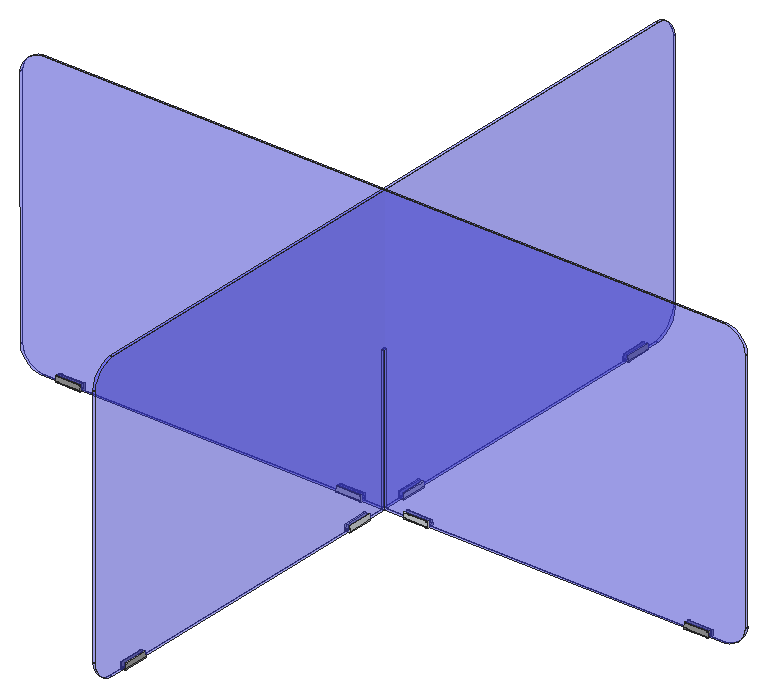
Revit family "QF_Vollrath_TD60-4", category Specialty Equipment, Revit 2018
Family settings
  Round Connector Dimension = Use Diameter
  Part Type = Normal
  Work Plane-Based = No
  Always vertical = Yes
  Cut with Voids When Loaded = Yes
  Shared = No
  Room Calculation Point = No
Parameters
  Weight in Pounds = 0
  Undercounter Visibility [instance] = no
  TM Utilties = "0"
  Serial Number [instance] = ""
  Model = "TD60-4"
  Manufacturer = "Vollrath"
  Keynote = ""
  Item Number [instance] = ""
  Installed By = "KEC"
  Include In Foodservice Schedule = yes
  Furnished By = "KEC"
  Description = "60\" Tabletop Shield"
  Cost = 0
  CSI MasterFormat = ""
  Above Counter Visibity [instance] = no
Reference planes (in)
  plane 1 "Unit_Center (F/B)": y = 0
  plane 2: z = 0
  plane 3 "Unit_Center (L/R)": x = 0
  plane 4 "Rear": y = 0.22
  plane 5 "Right": x = 29.75
  plane 6 "Left": x = -29.75
  plane 7 "Top": z = 23.5
  plane 8 "Top of slit": z = 11.75
  plane 9 "Outside R Clip": x = 26.75
  plane 10 "Outside Right Clip": x = 24.75
  plane 11 "Inside R Clip": x = 3.75
  plane 12 "Inside Right Clip": x = 1.75
  plane 13 "Top of Edging": z = 0.5
Forms (in)
  Extrusion 1, solid
    sketch origin (0, 0, 0) x (0, 1, 0) y (0, 0, 1)
      loop
        arc (0.25082, 0.14769) -> (0.24384, 0.11317) -> (0.22, 0.08736) r 0.06407
        line (0.22, 0.08736) -> (0, 0.08736)
        arc (0, 0.08736) -> (-0.02384, 0.11317) -> (-0.03082, 0.14769) r 0.06407
        line (-0.03082, 0.14769) -> (0, 0.5) -> (-0.05099, 0.5)
        arc (-0.05099, 0.5) -> (-0.07387, 0.49216) -> (-0.08714, 0.47194) r 0.03732
        line (-0.08714, 0.47194) -> (-0.12102, 0.0847)
        arc (-0.12102, 0.0847) -> (-0.0951, 0.03561) -> (-0.05098, 0.0019) r 0.12934
        line (-0.05098, 0.0019) -> (0.27348, 0.0019)
        arc (0.27348, 0.0019) -> (0.31793, 0.036) -> (0.34379, 0.0857) r 0.12934
        line (0.34379, 0.0857) -> (0.31024, 0.46916)
        arc (0.31024, 0.46916) -> (0.29748, 0.49127) -> (0.27349, 0.5) r 0.03732
        line (0.27349, 0.5) -> (0.22, 0.5) -> (0.25082, 0.14769)
    from 1.75 to 3.75
  Extrusion 2, solid, material "QF_PVC-Grey"
    sketch origin (17, 0, 0) x (0, 1, 0) y (0, 0, 1)
      loop
        arc (0.25082, 0.14769) -> (0.24384, 0.11317) -> (0.22, 0.08736) r 0.06407
        line (0.22, 0.08736) -> (0, 0.08736)
        arc (0, 0.08736) -> (-0.02384, 0.11317) -> (-0.03082, 0.14769) r 0.06407
        line (-0.03082, 0.14769) -> (0, 0.5) -> (-0.05099, 0.5)
        arc (-0.05099, 0.5) -> (-0.07387, 0.49216) -> (-0.08714, 0.47194) r 0.03732
        line (-0.08714, 0.47194) -> (-0.12102, 0.0847)
        arc (-0.12102, 0.0847) -> (-0.0951, 0.03561) -> (-0.05098, 0.0019) r 0.12934
        line (-0.05098, 0.0019) -> (0.27348, 0.0019)
        arc (0.27348, 0.0019) -> (0.31793, 0.036) -> (0.34379, 0.0857) r 0.12934
        line (0.34379, 0.0857) -> (0.31024, 0.46916)
        arc (0.31024, 0.46916) -> (0.29748, 0.49127) -> (0.27349, 0.5) r 0.03732
        line (0.27349, 0.5) -> (0.22, 0.5) -> (0.25082, 0.14769)
    from 7.75 to 9.75
  Extrusion 3, solid
    sketch origin (0, 0, 0) x (0, 1, 0) y (0, 0, -1)
      loop
        line (0.25082, -0.14769) -> (0.22, -0.5) -> (0.27349, -0.5)
        arc (0.27349, -0.5) -> (0.29748, -0.49127) -> (0.31024, -0.46916) r 0.03732
        line (0.31024, -0.46916) -> (0.34379, -0.0857)
        arc (0.34379, -0.0857) -> (0.31793, -0.036) -> (0.27348, -0.0019) r 0.12934
        line (0.27348, -0.0019) -> (-0.05098, -0.0019)
        arc (-0.05098, -0.0019) -> (-0.0951, -0.03561) -> (-0.12102, -0.0847) r 0.12934
        line (-0.12102, -0.0847) -> (-0.08714, -0.47194)
        arc (-0.08714, -0.47194) -> (-0.07387, -0.49216) -> (-0.05099, -0.5) r 0.03732
        line (-0.05099, -0.5) -> (0, -0.5) -> (-0.03082, -0.14769)
        arc (-0.03082, -0.14769) -> (-0.02384, -0.11317) -> (0, -0.08736) r 0.06407
        line (0, -0.08736) -> (0.22, -0.08736)
        arc (0.22, -0.08736) -> (0.24384, -0.11317) -> (0.25082, -0.14769) r 0.06407
    from 1.75 to 3.75
  Extrusion 4, solid, material "QF_Acrylic-Clear"
    sketch origin (0, 0, 0) x (1, 0, 0) y (0, 0, 1)
      loop
        line (-29.75, 21.75) -> (-29.75, 1.75)
        arc (-29.75, 1.75) -> (-29.17819, 0.57181) -> (-28, 0) r 2
        line (-28, 0) -> (-0.115, 0) -> (-0.115, 11.75) -> (0.115, 11.75) -> (0.115, 0) -> (28, 0)
        arc (28, 0) -> (29.17819, 0.57181) -> (29.75, 1.75) r 2
        line (29.75, 1.75) -> (29.75, 21.75)
        arc (29.75, 21.75) -> (29.17819, 22.92819) -> (28, 23.5) r 2
        line (28, 23.5) -> (-28, 23.5)
        arc (-28, 23.5) -> (-29.17819, 22.92819) -> (-29.75, 21.75) r 2
    from -0.22 to 0
  Extrusion 5, solid, material "QF_PVC-Grey"
    sketch origin (0, 0, 0) x (0, 1, 0) y (0, 0, 1)
      loop
        arc (0.25082, 0.14769) -> (0.24384, 0.11317) -> (0.22, 0.08736) r 0.06407
        line (0.22, 0.08736) -> (0, 0.08736)
        arc (0, 0.08736) -> (-0.02384, 0.11317) -> (-0.03082, 0.14769) r 0.06407
        line (-0.03082, 0.14769) -> (0, 0.5) -> (-0.05099, 0.5)
        arc (-0.05099, 0.5) -> (-0.07387, 0.49216) -> (-0.08714, 0.47194) r 0.03732
        line (-0.08714, 0.47194) -> (-0.12102, 0.0847)
        arc (-0.12102, 0.0847) -> (-0.0951, 0.03561) -> (-0.05098, 0.0019) r 0.12934
        line (-0.05098, 0.0019) -> (0.27348, 0.0019)
        arc (0.27348, 0.0019) -> (0.31793, 0.036) -> (0.34379, 0.0857) r 0.12934
        line (0.34379, 0.0857) -> (0.31024, 0.46916)
        arc (0.31024, 0.46916) -> (0.29748, 0.49127) -> (0.27349, 0.5) r 0.03732
        line (0.27349, 0.5) -> (0.22, 0.5) -> (0.25082, 0.14769)
    from 1.75 to 3.75
  Extrusion 6, solid, material "QF_PVC-Grey"
    sketch origin (0, 0, 0) x (0, 1, 0) y (0, 0, -1)
      loop
        line (0.25082, -0.14769) -> (0.22, -0.5) -> (0.27349, -0.5)
        arc (0.27349, -0.5) -> (0.29748, -0.49127) -> (0.31024, -0.46916) r 0.03732
        line (0.31024, -0.46916) -> (0.34379, -0.0857)
        arc (0.34379, -0.0857) -> (0.31793, -0.036) -> (0.27348, -0.0019) r 0.12934
        line (0.27348, -0.0019) -> (-0.05098, -0.0019)
        arc (-0.05098, -0.0019) -> (-0.0951, -0.03561) -> (-0.12102, -0.0847) r 0.12934
        line (-0.12102, -0.0847) -> (-0.08714, -0.47194)
        arc (-0.08714, -0.47194) -> (-0.07387, -0.49216) -> (-0.05099, -0.5) r 0.03732
        line (-0.05099, -0.5) -> (0, -0.5) -> (-0.03082, -0.14769)
        arc (-0.03082, -0.14769) -> (-0.02384, -0.11317) -> (0, -0.08736) r 0.06407
        line (0, -0.08736) -> (0.22, -0.08736)
        arc (0.22, -0.08736) -> (0.24384, -0.11317) -> (0.25082, -0.14769) r 0.06407
    from 1.75 to 3.75
  Extrusion 7, solid, material "QF_PVC-Grey"
    sketch origin (-23, 0, 0) x (0, 1, 0) y (0, 0, -1)
      loop
        line (0.25082, -0.14769) -> (0.22, -0.5) -> (0.27349, -0.5)
        arc (0.27349, -0.5) -> (0.29748, -0.49127) -> (0.31024, -0.46916) r 0.03732
        line (0.31024, -0.46916) -> (0.34379, -0.0857)
        arc (0.34379, -0.0857) -> (0.31793, -0.036) -> (0.27348, -0.0019) r 0.12934
        line (0.27348, -0.0019) -> (-0.05098, -0.0019)
        arc (-0.05098, -0.0019) -> (-0.0951, -0.03561) -> (-0.12102, -0.0847) r 0.12934
        line (-0.12102, -0.0847) -> (-0.08714, -0.47194)
        arc (-0.08714, -0.47194) -> (-0.07387, -0.49216) -> (-0.05099, -0.5) r 0.03732
        line (-0.05099, -0.5) -> (0, -0.5) -> (-0.03082, -0.14769)
        arc (-0.03082, -0.14769) -> (-0.02384, -0.11317) -> (0, -0.08736) r 0.06407
        line (0, -0.08736) -> (0.22, -0.08736)
        arc (0.22, -0.08736) -> (0.24384, -0.11317) -> (0.25082, -0.14769) r 0.06407
    from 1.75 to 3.75
  Extrusion 8, solid
    sketch origin (0.11041, 0.11138, 0) x (-1, 0, 0) y (0, 0, 1)
      loop
        arc (0.25082, 0.14769) -> (0.24384, 0.11317) -> (0.22, 0.08736) r 0.06407
        line (0.22, 0.08736) -> (0, 0.08736)
        arc (0, 0.08736) -> (-0.02384, 0.11317) -> (-0.03082, 0.14769) r 0.06407
        line (-0.03082, 0.14769) -> (0, 0.5) -> (-0.05099, 0.5)
        arc (-0.05099, 0.5) -> (-0.07387, 0.49216) -> (-0.08714, 0.47194) r 0.03732
        line (-0.08714, 0.47194) -> (-0.12102, 0.0847)
        arc (-0.12102, 0.0847) -> (-0.0951, 0.03561) -> (-0.05098, 0.0019) r 0.12934
        line (-0.05098, 0.0019) -> (0.27348, 0.0019)
        arc (0.27348, 0.0019) -> (0.31793, 0.036) -> (0.34379, 0.0857) r 0.12934
        line (0.34379, 0.0857) -> (0.31024, 0.46916)
        arc (0.31024, 0.46916) -> (0.29748, 0.49127) -> (0.27349, 0.5) r 0.03732
        line (0.27349, 0.5) -> (0.22, 0.5) -> (0.25082, 0.14769)
    from 1.75 to 3.75
  Extrusion 9, solid, material "QF_PVC-Grey"
    sketch origin (0.11041, 17.11138, 0) x (-1, 0, 0) y (0, 0, 1)
      loop
        arc (0.25082, 0.14769) -> (0.24384, 0.11317) -> (0.22, 0.08736) r 0.06407
        line (0.22, 0.08736) -> (0, 0.08736)
        arc (0, 0.08736) -> (-0.02384, 0.11317) -> (-0.03082, 0.14769) r 0.06407
        line (-0.03082, 0.14769) -> (0, 0.5) -> (-0.05099, 0.5)
        arc (-0.05099, 0.5) -> (-0.07387, 0.49216) -> (-0.08714, 0.47194) r 0.03732
        line (-0.08714, 0.47194) -> (-0.12102, 0.0847)
        arc (-0.12102, 0.0847) -> (-0.0951, 0.03561) -> (-0.05098, 0.0019) r 0.12934
        line (-0.05098, 0.0019) -> (0.27348, 0.0019)
        arc (0.27348, 0.0019) -> (0.31793, 0.036) -> (0.34379, 0.0857) r 0.12934
        line (0.34379, 0.0857) -> (0.31024, 0.46916)
        arc (0.31024, 0.46916) -> (0.29748, 0.49127) -> (0.27349, 0.5) r 0.03732
        line (0.27349, 0.5) -> (0.22, 0.5) -> (0.25082, 0.14769)
    from 7.75 to 9.75
  Extrusion 10, solid
    sketch origin (0.11041, 0.11138, 0) x (-1, 0, 0) y (0, 0, -1)
      loop
        line (0.25082, -0.14769) -> (0.22, -0.5) -> (0.27349, -0.5)
        arc (0.27349, -0.5) -> (0.29748, -0.49127) -> (0.31024, -0.46916) r 0.03732
        line (0.31024, -0.46916) -> (0.34379, -0.0857)
        arc (0.34379, -0.0857) -> (0.31793, -0.036) -> (0.27348, -0.0019) r 0.12934
        line (0.27348, -0.0019) -> (-0.05098, -0.0019)
        arc (-0.05098, -0.0019) -> (-0.0951, -0.03561) -> (-0.12102, -0.0847) r 0.12934
        line (-0.12102, -0.0847) -> (-0.08714, -0.47194)
        arc (-0.08714, -0.47194) -> (-0.07387, -0.49216) -> (-0.05099, -0.5) r 0.03732
        line (-0.05099, -0.5) -> (0, -0.5) -> (-0.03082, -0.14769)
        arc (-0.03082, -0.14769) -> (-0.02384, -0.11317) -> (0, -0.08736) r 0.06407
        line (0, -0.08736) -> (0.22, -0.08736)
        arc (0.22, -0.08736) -> (0.24384, -0.11317) -> (0.25082, -0.14769) r 0.06407
    from 1.75 to 3.75
  Extrusion 11, solid, material "QF_Acrylic-Clear"
    sketch origin (0.11041, 0.11138, 0) x (0, 1, 0) y (0, 0, 1)
      loop
        line (-29.75, 21.75) -> (-29.75, 1.75)
        arc (-29.75, 1.75) -> (-29.17819, 0.57181) -> (-28, 0) r 2
        line (-28, 0) -> (-0.115, 0) -> (-0.115, 11.75) -> (0.115, 11.75) -> (0.115, 0) -> (28, 0)
        arc (28, 0) -> (29.17819, 0.57181) -> (29.75, 1.75) r 2
        line (29.75, 1.75) -> (29.75, 21.75)
        arc (29.75, 21.75) -> (29.17819, 22.92819) -> (28, 23.5) r 2
        line (28, 23.5) -> (-28, 23.5)
        arc (-28, 23.5) -> (-29.17819, 22.92819) -> (-29.75, 21.75) r 2
    from -0.22 to 0
  Extrusion 12, solid, material "QF_PVC-Grey"
    sketch origin (0.11041, 0.11138, 0) x (-1, 0, 0) y (0, 0, 1)
      loop
        arc (0.25082, 0.14769) -> (0.24384, 0.11317) -> (0.22, 0.08736) r 0.06407
        line (0.22, 0.08736) -> (0, 0.08736)
        arc (0, 0.08736) -> (-0.02384, 0.11317) -> (-0.03082, 0.14769) r 0.06407
        line (-0.03082, 0.14769) -> (0, 0.5) -> (-0.05099, 0.5)
        arc (-0.05099, 0.5) -> (-0.07387, 0.49216) -> (-0.08714, 0.47194) r 0.03732
        line (-0.08714, 0.47194) -> (-0.12102, 0.0847)
        arc (-0.12102, 0.0847) -> (-0.0951, 0.03561) -> (-0.05098, 0.0019) r 0.12934
        line (-0.05098, 0.0019) -> (0.27348, 0.0019)
        arc (0.27348, 0.0019) -> (0.31793, 0.036) -> (0.34379, 0.0857) r 0.12934
        line (0.34379, 0.0857) -> (0.31024, 0.46916)
        arc (0.31024, 0.46916) -> (0.29748, 0.49127) -> (0.27349, 0.5) r 0.03732
        line (0.27349, 0.5) -> (0.22, 0.5) -> (0.25082, 0.14769)
    from 1.75 to 3.75
  Extrusion 13, solid, material "QF_PVC-Grey"
    sketch origin (0.11041, 0.11138, 0) x (-1, 0, 0) y (0, 0, -1)
      loop
        line (0.25082, -0.14769) -> (0.22, -0.5) -> (0.27349, -0.5)
        arc (0.27349, -0.5) -> (0.29748, -0.49127) -> (0.31024, -0.46916) r 0.03732
        line (0.31024, -0.46916) -> (0.34379, -0.0857)
        arc (0.34379, -0.0857) -> (0.31793, -0.036) -> (0.27348, -0.0019) r 0.12934
        line (0.27348, -0.0019) -> (-0.05098, -0.0019)
        arc (-0.05098, -0.0019) -> (-0.0951, -0.03561) -> (-0.12102, -0.0847) r 0.12934
        line (-0.12102, -0.0847) -> (-0.08714, -0.47194)
        arc (-0.08714, -0.47194) -> (-0.07387, -0.49216) -> (-0.05099, -0.5) r 0.03732
        line (-0.05099, -0.5) -> (0, -0.5) -> (-0.03082, -0.14769)
        arc (-0.03082, -0.14769) -> (-0.02384, -0.11317) -> (0, -0.08736) r 0.06407
        line (0, -0.08736) -> (0.22, -0.08736)
        arc (0.22, -0.08736) -> (0.24384, -0.11317) -> (0.25082, -0.14769) r 0.06407
    from 1.75 to 3.75
  Extrusion 14, solid, material "QF_PVC-Grey"
    sketch origin (0.11041, -22.88862, 0) x (-1, 0, 0) y (0, 0, -1)
      loop
        line (0.25082, -0.14769) -> (0.22, -0.5) -> (0.27349, -0.5)
        arc (0.27349, -0.5) -> (0.29748, -0.49127) -> (0.31024, -0.46916) r 0.03732
        line (0.31024, -0.46916) -> (0.34379, -0.0857)
        arc (0.34379, -0.0857) -> (0.31793, -0.036) -> (0.27348, -0.0019) r 0.12934
        line (0.27348, -0.0019) -> (-0.05098, -0.0019)
        arc (-0.05098, -0.0019) -> (-0.0951, -0.03561) -> (-0.12102, -0.0847) r 0.12934
        line (-0.12102, -0.0847) -> (-0.08714, -0.47194)
        arc (-0.08714, -0.47194) -> (-0.07387, -0.49216) -> (-0.05099, -0.5) r 0.03732
        line (-0.05099, -0.5) -> (0, -0.5) -> (-0.03082, -0.14769)
        arc (-0.03082, -0.14769) -> (-0.02384, -0.11317) -> (0, -0.08736) r 0.06407
        line (0, -0.08736) -> (0.22, -0.08736)
        arc (0.22, -0.08736) -> (0.24384, -0.11317) -> (0.25082, -0.14769) r 0.06407
    from 1.75 to 3.75
Lines and regions (in)
  symbolic lines, style "SpecialityEquipment"
    curve 1: line (-29.75, 0, 0) -> (29.75, 0, 0)
    curve 2: line (29.75, 0.22, 0) -> (-29.75, 0.22, 0)
    curve 3: line (-0.10959, 29.86138, 0) -> (-0.10959, -29.63862, 0)
    curve 4: line (0.11041, -29.63862, 0) -> (0.11041, 29.86138, 0)
    curve 5: line (-29.75, 0.22, 0) -> (-29.75, 0, 0)
    curve 6: line (-0.10959, -29.63862, 0) -> (0.11041, -29.63862, 0)
    curve 7: line (29.75, 0, 0) -> (29.75, 0.22, 0)
    curve 8: line (0.11041, 29.86138, 0) -> (-0.10959, 29.86138, 0)
Dimensions and locks (in)
  aligned and locked: plane 2 to level
  aligned and locked: Extrusion 1 to plane 12 "Inside Right Clip"
  aligned and locked: plane 11 "Inside R Clip" to Extrusion 1
  aligned and locked: plane 9 "Outside R Clip" to Extrusion 2
  aligned and locked: Extrusion 2 to plane 10 "Outside Right Clip"
  aligned and locked: Extrusion 1 to plane 11 "Inside R Clip"
  aligned and locked: plane 12 "Inside Right Clip" to Extrusion 1
